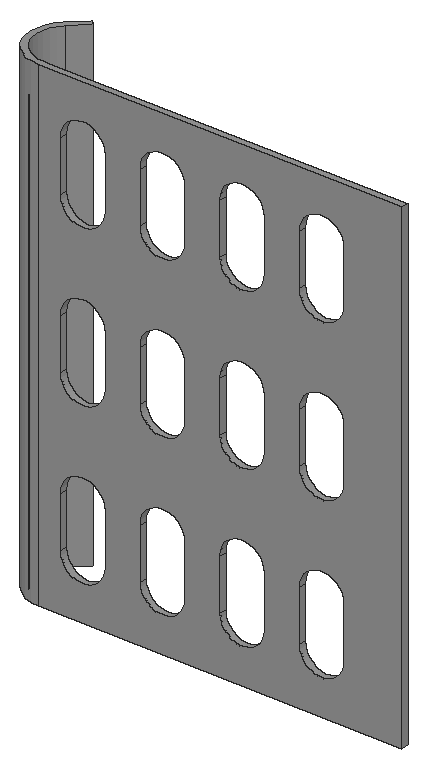
Revit family "Seitenendblech- SEB 85 FS_A4", category Generic Models, Revit 2017
Family settings
  Can host rebar = No
  Round Connector Dimension = Use Diameter
  Part Type = Normal
  Work Plane-Based = No
  Always vertical = Yes
  Cut with Voids When Loaded = No
  Shared = No
  Room Calculation Point = No
Parameters (values of type "SEB 85 A4")
  URL = "http://www.obo-bettermann.com"
  Material = Edelstahl, rostfrei A4
  Manufacturer Art.No. = "7083014"
  Manufacturer = "OBO BETTERMANN"
  GTIN = "4012196688838"
  Cut's number 2 = 3
  Cut's number = 4
  Article Type = "SEB 85 A4"
Types (3, lengths in mm): name | Material | Manufacturer Art.No. | GTIN | Article Type
  (no name) | Edelstahl, rostfrei A4 | "7083014" | "4012196688838" | "SEB 85 A4"
  SEB 85 FS | Strip galvanised | "7083008" | "4012196568802" | "SEB 85 FS"
  SEB 85 A4 | Edelstahl, rostfrei A4 | "7083014" | "4012196688838" | "SEB 85 A4"
Reference planes
  plane 1 "Center (Front/Back)": y = 0
  plane 2: z = 0
  plane 3 "Center (Left/Right)": x = 0
  plane 4: y = 12.5
  plane 5: z = 76
  plane 6: z = 13
  plane 7: x = 12.989
  plane 8: z = 13
  plane 9: x = 25.472
  plane 10: z = 13
  plane 11: x = 37.954
  plane 12: z = 13
  plane 13: x = 50.436
  plane 14: z = 13
  plane 15: x = 12.989
  plane 16: z = 38
  plane 17: x = 12.989
  plane 18: z = 38
  plane 19: x = 25.472
  plane 20: z = 38
  plane 21: x = 37.954
  plane 22: z = 38
  plane 23: x = 50.436
  plane 24: z = 63
  plane 25: x = 12.989
  plane 26: z = 63
  plane 27: x = 25.472
  plane 28: z = 63
  plane 29: x = 37.954
  plane 30: z = 63
  plane 31: x = 50.436
Forms (mm)
  Extrusion 1, solid, material "Edelstahl, rostfrei A4" <- "Material"
    sketch origin (0, 0, 0) x (1, 0, 0) y (0, 1, 0)
      loop
        line (6.006, 0) -> (62.989, 0) -> (62.989, 1.047) -> (6.849, 1.047)
        arc (6.849, 1.047) -> (1.568, 3.687) -> (2.458, 9.523) r 5.015
        line (2.458, 9.523) -> (4.868, 11.98) -> (4.154, 12.68) -> (1.763, 10.243)
        arc (1.763, 10.243) -> (0.462, 3.704) -> (6.006, 0) r 6
    from 0 to 76
  Extrusion 2, void
    sketch origin (0, 0, 0) x (1, 0, 0) y (0, 0, 1)
      loop
        arc (9.489, 9) -> (12.989, 5.5) -> (16.489, 9) r 3.5
        line (16.489, 9) -> (16.489, 17)
        arc (16.489, 17) -> (12.989, 20.5) -> (9.489, 17) r 3.5
        line (9.489, 17) -> (9.489, 9)
    from 0 to -1.047
  Extrusion 3, void
    sketch origin (12.482, 0, 0) x (1, 0, 0) y (0, 0, 1)
      loop
        arc (9.489, 9) -> (12.989, 5.5) -> (16.489, 9) r 3.5
        line (16.489, 9) -> (16.489, 17)
        arc (16.489, 17) -> (12.989, 20.5) -> (9.489, 17) r 3.5
        line (9.489, 17) -> (9.489, 9)
    from 0 to -1.047
  Extrusion 4, void
    sketch origin (24.964, 0, 0) x (1, 0, 0) y (0, 0, 1)
      loop
        arc (9.489, 9) -> (12.989, 5.5) -> (16.489, 9) r 3.5
        line (16.489, 9) -> (16.489, 17)
        arc (16.489, 17) -> (12.989, 20.5) -> (9.489, 17) r 3.5
        line (9.489, 17) -> (9.489, 9)
    from 0 to -1.047
  Extrusion 5, void
    sketch origin (37.446, 0, 0) x (1, 0, 0) y (0, 0, 1)
      loop
        arc (9.489, 9) -> (12.989, 5.5) -> (16.489, 9) r 3.5
        line (16.489, 9) -> (16.489, 17)
        arc (16.489, 17) -> (12.989, 20.5) -> (9.489, 17) r 3.5
        line (9.489, 17) -> (9.489, 9)
    from 0 to -1.047
  Extrusion 6, void, not visible
    sketch origin (0, 0, 0) x (1, 0, 0) y (0, 0, 1)
      loop
        arc (9.489, 9) -> (12.989, 5.5) -> (16.489, 9) r 3.5
        line (16.489, 9) -> (16.489, 17)
        arc (16.489, 17) -> (12.989, 20.5) -> (9.489, 17) r 3.5
        line (9.489, 17) -> (9.489, 9)
    from 0 to -1.047
  Extrusion 7, void
    sketch origin (0, 0, 25) x (1, 0, 0) y (0, 0, 1)
      loop
        arc (9.489, 9) -> (12.989, 5.5) -> (16.489, 9) r 3.5
        line (16.489, 9) -> (16.489, 17)
        arc (16.489, 17) -> (12.989, 20.5) -> (9.489, 17) r 3.5
        line (9.489, 17) -> (9.489, 9)
    from 0 to -1.047
  Extrusion 8, void
    sketch origin (12.482, 0, 25) x (1, 0, 0) y (0, 0, 1)
      loop
        arc (9.489, 9) -> (12.989, 5.5) -> (16.489, 9) r 3.5
        line (16.489, 9) -> (16.489, 17)
        arc (16.489, 17) -> (12.989, 20.5) -> (9.489, 17) r 3.5
        line (9.489, 17) -> (9.489, 9)
    from 0 to -1.047
  Extrusion 9, void
    sketch origin (24.964, 0, 25) x (1, 0, 0) y (0, 0, 1)
      loop
        arc (9.489, 9) -> (12.989, 5.5) -> (16.489, 9) r 3.5
        line (16.489, 9) -> (16.489, 17)
        arc (16.489, 17) -> (12.989, 20.5) -> (9.489, 17) r 3.5
        line (9.489, 17) -> (9.489, 9)
    from 0 to -1.047
  Extrusion 10, void
    sketch origin (37.446, 0, 25) x (1, 0, 0) y (0, 0, 1)
      loop
        arc (9.489, 9) -> (12.989, 5.5) -> (16.489, 9) r 3.5
        line (16.489, 9) -> (16.489, 17)
        arc (16.489, 17) -> (12.989, 20.5) -> (9.489, 17) r 3.5
        line (9.489, 17) -> (9.489, 9)
    from 0 to -1.047
  Extrusion 11, void
    sketch origin (0, 0, 50) x (1, 0, 0) y (0, 0, 1)
      loop
        arc (9.489, 9) -> (12.989, 5.5) -> (16.489, 9) r 3.5
        line (16.489, 9) -> (16.489, 17)
        arc (16.489, 17) -> (12.989, 20.5) -> (9.489, 17) r 3.5
        line (9.489, 17) -> (9.489, 9)
    from 0 to -1.047
  Extrusion 12, void
    sketch origin (12.482, 0, 50) x (1, 0, 0) y (0, 0, 1)
      loop
        arc (9.489, 9) -> (12.989, 5.5) -> (16.489, 9) r 3.5
        line (16.489, 9) -> (16.489, 17)
        arc (16.489, 17) -> (12.989, 20.5) -> (9.489, 17) r 3.5
        line (9.489, 17) -> (9.489, 9)
    from 0 to -1.047
  Extrusion 13, void
    sketch origin (24.964, 0, 50) x (1, 0, 0) y (0, 0, 1)
      loop
        arc (9.489, 9) -> (12.989, 5.5) -> (16.489, 9) r 3.5
        line (16.489, 9) -> (16.489, 17)
        arc (16.489, 17) -> (12.989, 20.5) -> (9.489, 17) r 3.5
        line (9.489, 17) -> (9.489, 9)
    from 0 to -1.047
  Extrusion 14, void
    sketch origin (37.446, 0, 50) x (1, 0, 0) y (0, 0, 1)
      loop
        arc (9.489, 9) -> (12.989, 5.5) -> (16.489, 9) r 3.5
        line (16.489, 9) -> (16.489, 17)
        arc (16.489, 17) -> (12.989, 20.5) -> (9.489, 17) r 3.5
        line (9.489, 17) -> (9.489, 9)
    from 0 to -1.047
Cuts and joins
  Extrusion 2, Extrusion 3, Extrusion 4, Extrusion 5, Extrusion 7, Extrusion 8, Extrusion 9, Extrusion 10, Extrusion 11, Extrusion 12, Extrusion 13, Extrusion 14 cuts Extrusion 1
Dimensions and locks
  locked: Extrusion 1 sketch curve to Extrusion 1 sketch curve at 1.047
  locked: Extrusion 1 sketch curve to Extrusion 1 sketch curve at 62.984
  locked: Extrusion 1 sketch curve to Extrusion 1 sketch curve at 12.68
  locked: Extrusion 1 sketch curve to Extrusion 1 sketch curve at 1  (x2)
  locked: plane 3 "Center (Left/Right)" to Extrusion 1 sketch curve at 1.006
  locked: plane 5 to level at 76
  locked: Extrusion 2 sketch curve to Extrusion 2 sketch curve at 7
  locked: plane 7 to Extrusion 2 sketch curve at 3.5
  locked: Extrusion 2 sketch curve to plane 6 at 7.5
  locked: plane 6 to Extrusion 2 sketch curve at 7.5
  locked: Extrusion 3 sketch curve to Extrusion 3 sketch curve at 7
  locked: plane 9 to Extrusion 3 sketch curve at 3.5
  locked: Extrusion 3 sketch curve to plane 8 at 7.5
  locked: plane 8 to Extrusion 3 sketch curve at 7.5
  equal spacing: group 1, group 2, group 3, group 4  (x3)
  locked: Extrusion 4 sketch curve to Extrusion 4 sketch curve at 7
  locked: plane 11 to Extrusion 4 sketch curve at 3.5
  locked: Extrusion 4 sketch curve to plane 10 at 7.5
  locked: plane 10 to Extrusion 4 sketch curve at 7.5
  locked: Extrusion 5 sketch curve to Extrusion 5 sketch curve at 7
  locked: plane 13 to Extrusion 5 sketch curve at 3.5
  locked: Extrusion 5 sketch curve to plane 12 at 7.5
  locked: plane 12 to Extrusion 5 sketch curve at 7.5
  locked: cut or joined group 1 (Extrusion 1, Extrusion 2, Extrusion 3, Extrusion 4, Extrusion 5, Extrusion 7, Extrusion 8, Extrusion 9, Extrusion 10, Extrusion 11, Extrusion 12, Extrusion 13, Extrusion 14) to cut or joined group 1 at 5.482  (x3)
  locked: cut or joined group 1 to cut or joined group 1 at 9.054
  locked: Extrusion 6 sketch curve to Extrusion 6 sketch curve at 7
  locked: plane 15 to Extrusion 6 sketch curve at 3.5
  locked: Extrusion 6 sketch curve to plane 14 at 7.5
  locked: plane 14 to Extrusion 6 sketch curve at 7.5
  locked: Extrusion 7 sketch curve to Extrusion 7 sketch curve at 7
  locked: plane 17 to Extrusion 7 sketch curve at 3.5
  locked: Extrusion 7 sketch curve to plane 16 at 7.5
  locked: plane 16 to Extrusion 7 sketch curve at 7.5
  locked: Extrusion 8 sketch curve to Extrusion 8 sketch curve at 7
  locked: plane 19 to Extrusion 8 sketch curve at 3.5
  locked: Extrusion 8 sketch curve to plane 18 at 7.5
  locked: plane 18 to Extrusion 8 sketch curve at 7.5
  equal spacing: group 7, group 8, group 9, group 10  (x3)
  locked: Extrusion 9 sketch curve to Extrusion 9 sketch curve at 7
  locked: plane 21 to Extrusion 9 sketch curve at 3.5
  locked: Extrusion 9 sketch curve to plane 20 at 7.5
  locked: plane 20 to Extrusion 9 sketch curve at 7.5
  locked: Extrusion 10 sketch curve to Extrusion 10 sketch curve at 7
  locked: plane 23 to Extrusion 10 sketch curve at 3.5
  locked: Extrusion 10 sketch curve to plane 22 at 7.5
  locked: plane 22 to Extrusion 10 sketch curve at 7.5
  equal spacing: group 5, group 11, group 16  (x3)
  locked: Extrusion 11 sketch curve to Extrusion 11 sketch curve at 7
  locked: plane 25 to Extrusion 11 sketch curve at 3.5
  locked: Extrusion 11 sketch curve to plane 24 at 7.5
  locked: plane 24 to Extrusion 11 sketch curve at 7.5
  locked: Extrusion 12 sketch curve to Extrusion 12 sketch curve at 7
  locked: plane 27 to Extrusion 12 sketch curve at 3.5
  locked: Extrusion 12 sketch curve to plane 26 at 7.5
  locked: plane 26 to Extrusion 12 sketch curve at 7.5
  equal spacing: group 12, group 13, group 14, group 15  (x3)
  locked: Extrusion 13 sketch curve to Extrusion 13 sketch curve at 7
  locked: plane 29 to Extrusion 13 sketch curve at 3.5
  locked: Extrusion 13 sketch curve to plane 28 at 7.5
  locked: plane 28 to Extrusion 13 sketch curve at 7.5
  locked: Extrusion 14 sketch curve to Extrusion 14 sketch curve at 7
  locked: plane 31 to Extrusion 14 sketch curve at 3.5
  locked: Extrusion 14 sketch curve to plane 30 at 7.5
  locked: plane 30 to Extrusion 14 sketch curve at 7.5
  aligned and locked: level to plane 2
  aligned and locked: plane 1 "Center (Front/Back)" to Extrusion 1 sketch curve
  aligned and locked: plane 1 "Center (Front/Back)" to Extrusion 1
  aligned and locked: plane 5 to Extrusion 1
  aligned and locked: plane 1 "Center (Front/Back)" to Extrusion 2
  aligned and locked: Extrusion 1 to Extrusion 2
Automatic sketch dimensions
  plane 3 "Center (Left/Right)" to Extrusion 1 sketch curve = 1.763 mm
  Extrusion 1 sketch curve to Extrusion 1 sketch curve = 0.695 mm
  Extrusion 1 sketch curve to Extrusion 1 sketch curve = 2.391 mm
  Extrusion 1 sketch curve to plane 4 = 0.52 mm
  Extrusion 1 sketch curve to Extrusion 1 sketch curve = 3.563 mm
  Extrusion 1 sketch curve to Extrusion 1 sketch curve = 0.015 mm
